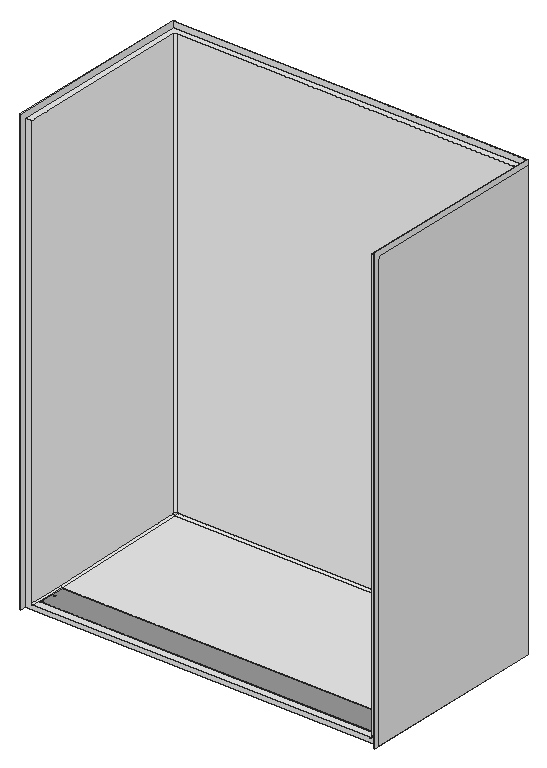
Revit family "LSS26333A75FTB-T.V3,A2FTB-T.V3", category Plumbing Fixtures, Revit 2017
Family settings
  Round Connector Dimension = Use Diameter
  Part Type = Normal
  OmniClass Number = 23.45.05.14.17
  OmniClass Title = Showers
  Work Plane-Based = No
  Always vertical = Yes
  Cut with Voids When Loaded = No
  Shared = No
  Room Calculation Point = No
Parameters (values of type "LBS26333A75FTB.V3")
  Unit Width = 63"
  Unit Height = 78 3/4"
  Unit Depth = 34"
  URL = "http://www.bestbath.com"
  Type Comments = "ADA Compliant"
  Threshold Height = 3/4"
  Model = "LBS26333A75FTT.V3"
  Material [instance] = Best Bath Gelcoat Fiberglass - Smooth
  Manufacturer = "best bath"
  Keynote = "22 40 00.B3"
  Description = "Trench Drain, 12 x 18 Subway Tile, Transfer Threshold"
  Assembly Code = "D2010710"
Types (3): name
  (no name)
  LBS26333A75FTB.V3
  LBS26333A75FTT.V3
Reference planes (in)
  plane 1 "Back": y = 4.43613
  plane 2: z = 0
  plane 3 "Left": x = 0
  plane 4: x = 63
  plane 5: z = 77.75
  plane 6: z = 0.75
  plane 7: z = 78.75
  plane 8: x = 31.5
  plane 9: z = 18.75
  plane 10: z = 0.125
  plane 11: z = 34.75
  plane 12: y = -29.56387
  plane 13: y = -22.20487
  plane 14: y = -28.56387
  plane 15: y = -24.68887
  plane 16: y = -27.20487
  plane 17: y = -24.68887
Forms (in)
  Extrusion 1, solid, material "Best Bath Gelcoat Fiberglass - Smooth"
    sketch origin (0, 0, 0) x (1, 0, 0) y (0, 1, 0)
      loop
        line (0, 4.43613) -> (0, -29.56387) -> (0.125, -29.56387) -> (0.125, 4.31113) -> (62.875, 4.31113) -> (62.875, -29.56387) -> (63, -29.56387) -> (63, 4.43613) -> (0, 4.43613)
    from 0 to 78.75 <- "Unit Height"
  Extrusion 2, solid, material "Best Bath Gelcoat Fiberglass - Smooth"
    sketch origin (0, 0, 0) x (1, 0, 0) y (0, 1, 0)
      loop
        line (0, 4.43613) -> (0, -28.56387) -> (1.25, -28.56387) -> (1.25, 2.81113)
        arc (1.25, 2.81113) -> (1.35983, 3.07629) -> (1.625, 3.18613) r 0.375
        line (1.625, 3.18613) -> (61.375, 3.18613)
        arc (61.375, 3.18613) -> (61.64017, 3.07629) -> (61.75, 2.81113) r 0.375
        line (61.75, 2.81113) -> (61.75, -28.56387) -> (63, -28.56387) -> (63, 4.43613) -> (0, 4.43613)
    from 0 to 77.75
  Extrusion 3, solid, material "Best Bath Gelcoat Fiberglass - Smooth"
    sketch origin (0, 0, 0) x (0, 1, 0) y (0, 0, 1)
      loop
        line (-28.56387, 0.75) -> (-28.56387, 0) -> (3.18613, 0) -> (3.18613, 1.25) -> (-22.20487, 0.75) -> (-28.56387, 0.75)
    from 0 to 63
  Extrusion 4, void
    sketch origin (0, 0, 0) x (1, 0, 0) y (0, 1, 0)
      loop
        circle (31.5, -24.68887) r 1.5
    from 0 to 7.09771
  Extrusion 5, void
    sketch origin (0, 0, 0) x (1, 0, 0) y (0, 1, 0)
      loop
        line (1.6365, -22.20487) -> (1.6365, -27.20487) -> (61.35212, -27.20487) -> (61.35212, -22.20487) -> (1.6365, -22.20487)
    from 0.125 to 6.0087
  Extrusion 6, solid, material "Stainless Steel, Brushed"
    sketch origin (0, 0, 0) x (1, 0, 0) y (0, 1, 0)
      loop
        line (1.75, -22.31387) -> (1.75, -27.09799) -> (61.28365, -27.09799) -> (61.28365, -22.31387) -> (1.75, -22.31387)
      loop
        circle (2.25, -24.68887) r 0.125
      loop
        circle (60.75, -24.68887) r 0.125
    from 0.71813 to 0.75
  Sweep 7, solid, material "Best Bath Gelcoat Fiberglass - Smooth"
    path in 3D
      loop
        line (1.25, -28.56387, 0.75) -> (1.25, -22.20487, 0.75) -> (1.25, 2.81113, 1.24262)
        spline (1.25, 2.81113, 1.24262) -> (1.2533, 2.86051, 1.24359) -> (1.26287, 2.9085, 1.24453) -> (1.27866, 2.9548, 1.24544) -> (1.30043, 2.99884, 1.24631) -> (1.32776, 3.03975, 1.24712) -> (1.3602, 3.07667, 1.24784) -> (1.39721, 3.10901, 1.24848) -> (1.43815, 3.13625, 1.24902) -> (1.48214, 3.15785, 1.24944) -> (1.52845, 3.17347, 1.24975) -> (1.57658, 3.18294, 1.24994) -> (1.62607, 3.18613, 1.25)
        line (1.62607, 3.18613, 1.25) -> (61.375, 3.18613, 1.25)
        spline (61.375, 3.18613, 1.25) -> (61.42438, 3.18283, 1.24994) -> (61.47237, 3.17325, 1.24975) -> (61.51867, 3.15747, 1.24944) -> (61.56272, 3.13569, 1.24901) -> (61.60363, 3.10836, 1.24847) -> (61.64055, 3.07593, 1.24783) -> (61.67288, 3.03892, 1.2471) -> (61.70012, 2.99797, 1.24629) -> (61.72173, 2.95399, 1.24543) -> (61.73734, 2.90768, 1.24452) -> (61.74681, 2.85954, 1.24357) -> (61.75, 2.81005, 1.24259)
        line (61.75, 2.81005, 1.24259) -> (61.75, -22.20487, 0.75) -> (61.75, -28.56387, 0.75)
    profile origin (1.25, -25.38437, 0.75) x (-1, 0, 0) y (0, 0, 1)
      loop
        line (0, 0) -> (0, 0.33)
        arc (0, 0.33) -> (-0.09665, 0.09665) -> (-0.33, 0) r 0.33
        line (-0.33, 0) -> (0, 0)
Cuts and joins
  Extrusion 4, Extrusion 5 cuts Extrusion 2
  Extrusion 4, Extrusion 5 cuts Extrusion 3
  joined: Extrusion 2, Extrusion 3
Lines and regions (in)
  sketch lines
    curve 1: line (1.25, -28.56387, 0.75) -> (1.25, -22.20487, 0.75)
    curve 2: line (1.25, -22.20487, 0.75) -> (1.25, 2.81113, 1.24262)
    curve 3: spline (1.62607, 3.18613, 1.25) -> (1.57658, 3.18294, 1.24994) -> (1.52845, 3.17347, 1.24975) -> (1.48214, 3.15785, 1.24944) -> (1.43815, 3.13625, 1.24902) -> (1.39721, 3.10901, 1.24848) -> (1.3602, 3.07667, 1.24784) -> (1.32776, 3.03975, 1.24712) -> (1.30043, 2.99884, 1.24631) -> (1.27866, 2.9548, 1.24544) -> (1.26287, 2.9085, 1.24453) -> (1.2533, 2.86051, 1.24359) -> (1.25, 2.81113, 1.24262)
    curve 4: line (1.62607, 3.18613, 1.25) -> (61.375, 3.18613, 1.25)
    curve 5: spline (61.75, 2.81005, 1.24259) -> (61.74681, 2.85954, 1.24357) -> (61.73734, 2.90768, 1.24452) -> (61.72173, 2.95399, 1.24543) -> (61.70012, 2.99797, 1.24629) -> (61.67288, 3.03892, 1.2471) -> (61.64055, 3.07593, 1.24783) -> (61.60363, 3.10836, 1.24847) -> (61.56272, 3.13569, 1.24901) -> (61.51867, 3.15747, 1.24944) -> (61.47237, 3.17325, 1.24975) -> (61.42438, 3.18283, 1.24994) -> (61.375, 3.18613, 1.25)
    curve 6: line (61.75, 2.81005, 1.24259) -> (61.75, -22.20487, 0.75)
    curve 7: line (61.75, -22.20487, 0.75) -> (61.75, -28.56387, 0.75)
Dimensions and locks (in)
  "Unit Width": plane 3 "Left" to plane 4
  "Threshold Height": plane 6 to level
  locked: plane 7 to plane 5 at 1
  "Unit Height": plane 7 to level
  equal spacing: plane 3 "Left", plane 8, plane 4
  locked: plane 6 to plane 10 at 0.625
  locked: plane 9 to plane 6 at 18
  locked: plane 11 to plane 6 at 34
  "Unit Depth": plane 12 to plane 1 "Back"
  locked: plane 13 to plane 12 at 7.359
  locked: plane 14 to plane 12 at 1
  locked: plane 15 to plane 12 at 4.875
  plane 13 to plane 16 = 5"
  locked: plane 17 to plane 12 at 4.875
  aligned and locked: level to plane 2
  aligned and locked: plane 5 to Extrusion 2
  aligned and locked: plane 14 to Extrusion 2 sketch curve  (x2)
  aligned and locked: Extrusion 3 to plane 4
  aligned and locked: plane 15 to Extrusion 4 sketch curve
  aligned and locked: plane 8 to Extrusion 4 sketch curve
  aligned and locked: Extrusion 5 sketch curve to plane 13
  aligned and locked: plane 16 to Extrusion 5 sketch curve
  aligned and locked: Extrusion 5 to plane 10
  aligned and locked: plane 6 to Extrusion 6
  aligned and locked: plane 6 to Sweep 7 sketch curve
Automatic sketch dimensions
  Extrusion 1 sketch curve to plane 3 "Left" = 0"
  Extrusion 1 sketch curve to plane 12 = 0"  (x2)
  Extrusion 1 sketch curve to plane 4 = 0"
  plane 1 "Back" to Extrusion 1 sketch curve = 0"
  plane 4 to Extrusion 1 sketch curve = 1/8"
  plane 1 "Back" to Extrusion 1 sketch curve = 1/8"
  plane 3 "Left" to Extrusion 1 sketch curve = 1/8"
  Extrusion 3 sketch curve to plane 6 = 0"
  Extrusion 3 sketch curve to plane 14 = 0"
  Extrusion 3 sketch curve to plane 13 = 0"
  Extrusion 3 sketch curve to level = 0"
  plane 6 to Extrusion 3 sketch curve = 1/2"
  plane 1 "Back" to Extrusion 3 sketch curve = 1 1/4"
  plane 3 "Left" to Extrusion 5 sketch curve = 1.6365"
  plane 4 to Extrusion 5 sketch curve = 1.64788"
  Extrusion 6 sketch curve to plane 17 = 0"  (x2)
  Extrusion 6 sketch curve to plane 13 = 0.109"
  plane 3 "Left" to Extrusion 6 sketch curve = 1 3/4"
  plane 3 "Left" to Extrusion 6 sketch curve = 2 1/4"
  plane 4 to Extrusion 6 sketch curve = 2 1/4"
  plane 4 to Extrusion 6 sketch curve = 1.71635"
  plane 14 to Extrusion 6 sketch curve = 1.46589"
  Extrusion 2 sketch curve to plane 3 "Left" = 0"
  plane 1 "Back" to Extrusion 2 sketch curve = 0"
  Extrusion 2 sketch curve to plane 4 = 0"
  plane 3 "Left" to Extrusion 2 sketch curve = 1 1/4"
  Extrusion 2 sketch curve to Extrusion 2 sketch curve = 3/8"
  plane 4 to Extrusion 2 sketch curve = 1 5/8"
  plane 4 to Extrusion 2 sketch curve = 1 1/4"
  plane 1 "Back" to Extrusion 2 sketch curve = 1 5/8"
  Sweep 7 sketch curve to profile plane = 0"
  profile plane to Sweep 7 sketch curve = 0.33"
  radius of Extrusion 4 sketch curve = 1 1/2"
  radius of Extrusion 6 sketch curve = 1/8"  (x2)
